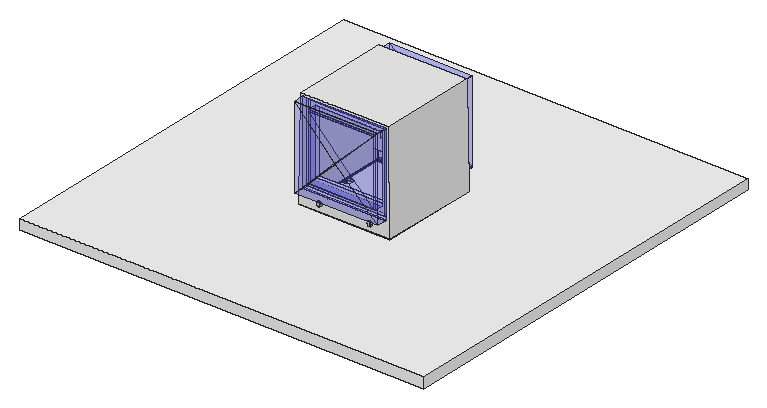
Revit family "BE_50063.1_de_DE", category Leuchten, Revit 2020
Family settings
  Basisbauteil = Fläche
  Bemaßung runder Anschluss = Durchmesser verwenden
  Teiletyp = Normal
  Beim Laden mit Abzugskörper schneiden = Ja
  Lichtquelle = Ja
  Gemeinsam genutzt = Nein
  Raumberechnungspunkt = Ja
Parameters (values of type "BEGA_50063.1_K4")
  built-in parameter 1150104 = 16.992 (stored number, unit not read)
  Wattage = 7.6 W
  Default Elevation = 0 mm
  built-in parameter 1150113 = 1 (stored number, unit not read)
  built-in parameter 1114218 = 1 (stored number, unit not read)
  Umgebungstemperatur = "25 °C"
  URL = "https://www.bega.com/de/produkt/50063.1"
  Typenkommentare = "© 2022 BEGA. Wir behalten uns das Recht vor, technische Änderungen ohne vorherige Ankündigung vorzunehmen."  # constant formula
  built-in parameter 1150134 = 12
  built-in parameter 1150109 = 1 (stored number, unit not read)
  Strom = ""
  built-in parameter 1150110 = 1 (stored number, unit not read)
  Spannung = 239.996 V
  Sonderanfertigung = no
  Seriennummer [instance] = "Hier können Sie die eindeutige Seriennummer für das Facility Management eintragen."
  Schutzklasse = "I"
  Schutzart = "IP 20"
  Scheinlast = 0 VA
  Produktdatenblatt = "https://cdn.bega.com/bega/products/50063.1K4/current/documents/data-sheets/de"
  Oberflächentemperatur = ""
  Neigungswinkel = 0.00°
  Modell = "50063.1K4"
  Material_17 = BEGA_Reflektor
  Material_15 = BEGA_Leuchtmedium_matt
  Material_11 = BEGA_Glas_opal
  Material_09 = BEGA_Glas_klar
  Material_08 = BEGA_Oberfläche_Stahl_verzinkt
  Material_06 = BEGA_Oberfläche_Edelstahl_gebürstet
  Material_05 = BEGA_Oberfläche_Aluminium Guss
  Material_03 = BEGA_Oberfläche_Weiss_matt
  Material_02 = BEGA_Oberfläche_Silber_matt
  Material_01 [instance] = BEGA_Oberfläche_Grafit_matt
  M_W = no
  M_G = no
  M_A = no
  Logo = 0
  built-in parameter 1114217 = 1 (stored number, unit not read)
  built-in parameter 1150139 = (empty or 0)
  built-in parameter 1150105 = 110.62 (stored number, unit not read)
  built-in parameter 1150114 = 1 (stored number, unit not read)
  Lumens = 1390.04 lm
  built-in parameter 1150115 = 1 (stored number, unit not read)
  Leuchtenlichtstrom = "570 lm"
  Leuchtenanzahl = ""
  Lebensdauerkriterien = "L70B50 @ 25 °C = 200000 h"
  Lastklassifizierung = Beleuchtung
  built-in parameter 1150112 = 1 (stored number, unit not read)
  Lampenlichtstrom = "1400 lm"
  Lampe = "LED 7.6 W"
  LED_Modulbezeichnung = "2x LED-0276/940"
  Hersteller = "BEGA"  # constant formula
  Halbstreuwinkel = ""
  Gewicht = "1.0 kg"
  Gebrauchslageneinschränkung [instance] = ""
  Frequenz = "0/50-60 Hz"
  Farbwiedergabeindex = "CRI > 90"
  Farbtemperaturverschiebung bei Dämpfen der Lampe = <Keine Auswahl>
  Farbtemperatur = "4000 K"
  Color Filter = 16777215
  built-in parameter 1150133 = 10 (stored number, unit not read)
  Energieeffizienzklasse = "LED A++ - A"
  built-in parameter 1150137 = (empty or 0)
  built-in parameter 1150132 = (empty or 0)
  ENEC = "ja"
  Dimmbar [instance] = "on/off"
  Datei für fotometrisches Netz = "BE_50063.1K4.IES"
  CE_Konformität = "ja"
  Bestellnummer = "50063.1K4"
  Beschreibung_Sonderanfertigung = "Hier können Sie Informationen zur Sonderanfertigung eintragen."
  Beschreibung = "Wandleuchte"
  built-in parameter 1150106 = 1.1062 (stored number, unit not read)
  Befestigungsbohrung = "Ø 4,5 mm"
  Befestigungsabstand = "65 mm"
  Ballwurfsicher = ""
  BEGA_Intern_aus = yes
  BEGA_Intern_an = yes
  BEGA_Intern_Konstruktion = yes
  BEGA_Intern = yes
  BEGA_IES = yes
  BEGA_Dummy = no
  Anschlussleitung = ""
  Anschlussleistung [instance] = "9 W"
  Anschlusskasten = ""
  built-in parameter 1150107 = 4000 (stored number, unit not read)
  built-in parameter 1150102 = (empty or 0)
  built-in parameter 1150138 = (empty or 0)
  Aktualisierung = "2022-05-18T04:00:07"
  Abstand_zur_angestrahlten_Fläche [instance] = ""
  AC/DC = "AC/DC"
Types (2, lengths in mm): name | built-in parameter 1150104 | built-in parameter 1150134 | Modell | built-in parameter 1150105 | Lumens | Leuchtenlichtstrom | Lampenlichtstrom | LED_Modulbezeichnung | Farbtemperatur | Datei für fotometrisches Netz | Bestellnummer | built-in parameter 1150106 | built-in parameter 1150107
  BEGA_50063.1_K3 | 16.258 (stored number, unit not read) | (empty or 0) | "50063.1K3" | 105.84 (stored number, unit not read) | 1330 lm | "541 lm" | "1330 lm" | "2x LED-0276/930" | "3000 K" | "BE_50063.1K3.IES" | "50063.1K3" | 1.0584 (stored number, unit not read) | 3000 (stored number, unit not read)
  BEGA_50063.1_K4 | 16.992 (stored number, unit not read) | 12 | "50063.1K4" | 110.62 (stored number, unit not read) | 1390.04 lm | "570 lm" | "1400 lm" | "2x LED-0276/940" | "4000 K" | "BE_50063.1K4.IES" | "50063.1K4" | 1.1062 (stored number, unit not read) | 4000 (stored number, unit not read)
Reference planes
  plane 1 "Mitte (Vorne/Hinten)": y = 0
  plane 2: z = 0
  plane 3 "Mitte (Links/Rechts)": x = 0
  plane 4 "Links": x = -45
  plane 5 "Rechts": x = 45
  plane 6 "Unten": y = -59.933
  plane 7 "Oben": y = 59.933
  plane 8 "Vorne": z = 100
  plane 9 "Hinten": z = 0
Forms (mm)
  Extrusion 1, solid, material "BEGA_Platte_Weiss"
    sketch origin (0, -1119.2, 0) x (1, 0, 0) y (0, 1, 0)
      loop
        line (-200, 1319.2) -> (-200, 919.2) -> (200, 919.2) -> (200, 1319.2) -> (-200, 1319.2)
    from 0 to -10
  Extrusion 2, solid, material "BEGA_Dummy_matt", visible <- "BEGA_Dummy"
    sketch origin (80.095, -76.023, 0) x (1, 0, 0) y (0, 1, 0)
      loop
        line (-125.095, 135.956) -> (-125.095, 16.091) -> (-35.095, 16.091) -> (-35.095, 135.956) -> (-125.095, 135.956)
    from 0 to 100
Dimensions and locks
  plane 1 "Mitte (Vorne/Hinten)" to Extrusion 1 = 200 mm
  aligned and locked: plane 2 to Extrusion 1
  aligned and locked: level to Extrusion 1
Nested families
  nested 1: "BE_50063.1" at (0, 0, 0), type "BE_50063.1"
Connectors
  electrical at (0, 0, 0), driven by "Lastklassifizierung", driven by "Spannung", driven by "Scheinlast"
    settings: index 1, voltage 239.996 V, apparent load 0 VA, apparent load phase1 0 VA, apparent load phase2 0 VA, apparent load phase3 0 VA, power factor 1, load classification "Beleuchtung", number of poles 1, system type 31, power factor state 1, is connector primary yes, connector utility no, sub classification motor no, connector description ""
Definition of nested family "BE_50063.1"
  Parameters (values of type "BE_50063.1")
    Default Elevation = 1 mm
    URL = "http://www.bega.de/de/produkt"
    Type Comments = "© 2015 BEGA. Wir behalten uns das Recht vor, technische Änderungen ohne vorherige Ankündigung vorzunehmen. "  # constant formula
    Type Image = (empty or 0)
    Neigungswinkel_um_Z2 = 0.00°
    Neigungswinkel_um_Z1 = 0.00°
    Neigungswinkel_um_Y2 = 0.00°
    Neigungswinkel_um_Y1 = 0.00°
    Neigungswinkel_um_X2 = 0.00°
    Neigungswinkel_um_X1 = 0.00°
    Material_17 = none
    Material_15 = none
    Material_11 = none
    Material_09 = none
    Material_08 = none
    Material_06 = none
    Material_05 = none
    Material_03 = none
    Material_02 = none
    Material_01 = none
    M_W = yes
    M_G = yes
    M_A = yes
    Länge_Platte = 200 mm  # constant formula
    Höhe_Platte = -10 mm  # constant formula
    Manufacturer = "BEGA"  # constant formula
    Drehwinkel_um_Z2 = 0.00°
    Drehwinkel_um_Z1 = 0.00°
    Breite_Platte = 200 mm  # constant formula
  Reference planes
    plane 1 "Mitte (Oben/Unten)": y = 0
    plane 2: z = 0
    plane 3 "Mitte (Links/Rechts)": x = 0
    plane 4: x = -45
    plane 5: z = 100
    plane 6: x = 45
    plane 7: y = 59.933
    plane 8: y = -59.933
  Forms (mm)
    Extrusion 1, solid, detail levels medium
      sketch origin (0, 0, 0) x (1, 0, 0) y (0, 1, 0)
        loop
          line (-100, 100) -> (-100, -100) -> (100, -100) -> (100, 100) -> (-100, 100)
      from 0 to -10 <- "Höhe_Platte"
    Extrusion 2, solid, material <- "Material_03", detail levels medium+fine
      sketch origin (0, 0, 0) x (0, 1, 0) y (0, 0, 1)
        loop
          line (48.25, 1) -> (48.25, 100) -> (-48.25, 100) -> (-48.25, 1) -> (-45.046, 1) -> (-45.046, 14) -> (-38.126, 14) -> (-38.126, 93) -> (38.126, 93) -> (38.126, 14) -> (45.046, 14) -> (45.046, 1) -> (48.25, 1)
      from -46.262 to 45.91
    Extrusion 3, solid, material <- "Material_03", detail levels medium+fine
      sketch origin (0, 0, 0) x (1, 0, 0) y (0, 0, 1)
        loop
          line (-46.262, 100) -> (-46.262, 1) -> (-41.809, 1) -> (-41.809, 100) -> (-46.262, 100)
        loop
          line (46.262, 100) -> (41.809, 100) -> (41.809, 1) -> (46.262, 1) -> (46.262, 100)
      from -48.25 to 48.25
    Extrusion 4, void
      sketch origin (0, 0, 0) x (1, 0, 0) y (0, 0, 1)
        loop
          line (-43.257, 100.874) -> (-46.262, 100.874) -> (-46.262, 0.652) -> (-45.006, 0.652) -> (-43.257, 100.874)
        loop
          line (43.257, 100.874) -> (45.006, 0.652) -> (46.262, 0.652) -> (46.262, 100.874) -> (43.257, 100.874)
      from -54.367 to 54.729
    Extrusion 5, void
      sketch origin (0, 0, 0) x (0, 1, 0) y (0, 0, 1)
        loop
          line (43.483, 89.749) -> (-43.906, 89.749) -> (-43.906, 25.491) -> (43.483, 25.491) -> (43.483, 89.749)
      from -33.322 to 33.208
    Extrusion 6, void
      sketch origin (0, 0, 0) x (0, 1, 0) y (0, 0, 1)
        loop
          line (48.25, 98.063) -> (42.45, 98.063) -> (42.45, 15.433) -> (48.25, 15.433) -> (48.25, 98.063)
        loop
          line (-48.25, 98.063) -> (-48.25, 15.433) -> (-42.45, 15.433) -> (-42.45, 98.063) -> (-48.25, 98.063)
      from -41.25 to 41.313
    Sweep 7, solid, material <- "Material_11", detail levels medium+fine
      path origin (0, 0, 0) x (1, 0, 0) y (0, 0, 1)
        loop
          line (41.25, 97.933) -> (-41.25, 97.933) -> (-41.25, 15.433) -> (41.25, 15.433) -> (41.25, 97.933)
      profile origin (0, 0, 97.933) x (0, 0, -1) y (0, -1, 0)
        loop
          line (-0.067, -46.95) -> (0.352, -58.947)
          arc (0.352, -58.947) -> (20.761, -59.689) -> (41.183, -59.933) r 836.627
          line (41.183, -59.933) -> (41.183, -53.463)
          arc (41.183, -53.463) -> (25.118, -52.991) -> (9.076, -52.023) r 520.56
          arc (9.076, -52.023) -> (8.43, -51.718) -> (8.152, -51.06) r 1
          line (8.152, -51.06) -> (7.851, -42.45) -> (2.738, -42.45) -> (2.581, -46.95) -> (-0.067, -46.95)
    Sweep 8, solid, material <- "Material_11", detail levels medium+fine
      path origin (0, 0, 0) x (1, 0, 0) y (0, 0, -1)
        loop
          line (41.25, -97.933) -> (41.25, -15.433) -> (-41.25, -15.433) -> (-41.25, -97.933) -> (41.25, -97.933)
      profile origin (0, 0, 97.933) x (0, 0, 1) y (0, 1, 0)
        loop
          line (0.067, -46.95) -> (-2.581, -46.95) -> (-2.738, -42.45) -> (-7.851, -42.45) -> (-8.152, -51.06)
          arc (-8.152, -51.06) -> (-8.43, -51.718) -> (-9.076, -52.023) r 1
          arc (-9.076, -52.023) -> (-25.118, -52.991) -> (-41.183, -53.463) r 520.56
          line (-41.183, -53.463) -> (-41.183, -59.933)
          arc (-41.183, -59.933) -> (-20.761, -59.689) -> (-0.352, -58.947) r 836.627
          line (-0.352, -58.947) -> (0.067, -46.95)
    Sweep 9, solid, material <- "Material_03", detail levels medium+fine
      path origin (0, 0, 0) x (1, 0, 0) y (0, 1, 0)
        loop
          line (45, 48.25) -> (-45, 48.25) -> (-45, -48.25) -> (45, -48.25) -> (45, 48.25)
      profile origin (0, 48.25, 0) x (0, -1, 0) y (0, 0, 1)
        loop
          line (0.75, 0) -> (5, 0)
          arc (5, 0) -> (6.061, 0.439) -> (6.5, 1.5) r 1.5
          line (6.5, 1.5) -> (6.5, 2.5)
          arc (6.5, 2.5) -> (6.646, 2.854) -> (7, 3) r 0.5
          line (7, 3) -> (35.781, 3) -> (35.781, 4) -> (7, 4)
          arc (7, 4) -> (5.939, 3.561) -> (5.5, 2.5) r 1.5
          line (5.5, 2.5) -> (5.5, 1.5)
          arc (5.5, 1.5) -> (5.354, 1.146) -> (5, 1) r 0.5
          line (5, 1) -> (0.75, 1) -> (0.75, 0)
    Extrusion 10, void
      sketch origin (0, 0, 0) x (1, 0, 0) y (0, 1, 0)
        loop
          circle (15, 24.6) r 8.5
        loop
          circle (-34, -1.9) r 4.25
        loop
          circle (34, -1.9) r 4.25
      from 0 to 6.683
    Extrusion 11, solid, material <- "Material_03", detail levels medium+fine
      sketch origin (0, 0, 0) x (1, 0, 0) y (0, 1, 0)
        loop
          line (-9.219, -12.469) -> (9.219, -12.469) -> (9.219, 12.469) -> (-9.219, 12.469) -> (-9.219, -12.469)
      from 3 to 4
    Revolve 12, void
      sketch origin (0, -9.199, 8) x (1, 0, 0) y (0, 1, 0)
        loop
          line (-25, -37.114) -> (-25, -39.501) -> (-22.298, -39.501) -> (-23.112, -38.09) -> (-23.112, -37.114) -> (-25, -37.114)
        axis (-25, -37.114) -> (-25, -39.501)
      angle from 0 to 360
    Revolve 13, solid, material <- "Material_06", detail levels fine
      sketch origin (-25, 0, 0) x (0, 1, 0) y (0, 0, 1)
        loop
          line (-49.15, 10) -> (-49.15, 8) -> (-45.433, 8) -> (-45.433, 10.5) -> (-46.575, 10.5) -> (-47.289, 10) -> (-49.15, 10)
        axis (-49.15, 8) -> (-45.433, 8)
      angle from 0 to 360
    Revolve 14, void
      sketch origin (0, -9.199, 8) x (-1, 0, 0) y (0, -1, 0)
        loop
          line (-25, 37.114) -> (-23.112, 37.114) -> (-23.112, 38.09) -> (-22.298, 39.501) -> (-25, 39.501) -> (-25, 37.114)
        axis (-25, 37.114) -> (-25, 39.501)
      angle from 0 to 360
    Revolve 15, solid, material <- "Material_06", detail levels fine
      sketch origin (25, 0, 0) x (0, 1, 0) y (0, 0, -1)
        loop
          line (-49.15, -10) -> (-47.289, -10) -> (-46.575, -10.5) -> (-45.433, -10.5) -> (-45.433, -8) -> (-49.15, -8) -> (-49.15, -10)
        axis (-49.15, -8) -> (-45.433, -8)
      angle from 0 to 360
  Cuts and joins
    Extrusion 4, Extrusion 5, Extrusion 6, Extrusion 10, Revolve 12, Revolve 14 cuts Extrusion 2
    Extrusion 4, Extrusion 5, Extrusion 6, Extrusion 10, Revolve 12, Revolve 14 cuts Extrusion 3
    joined: Extrusion 2, Extrusion 3
    Extrusion 10 cuts Sweep 9
    joined: Sweep 9, Extrusion 11
    Revolve 14 cuts Revolve 13
  Dimensions and locks
    equal spacing: Extrusion 1 sketch curve, plane 3 "Mitte (Links/Rechts)", Extrusion 1 sketch curve
    equal spacing: Extrusion 1 sketch curve, plane 1 "Mitte (Oben/Unten)", Extrusion 1 sketch curve
    "Länge_Platte": Extrusion 1 sketch curve to Extrusion 1 sketch curve
    "Breite_Platte": Extrusion 1 sketch curve to Extrusion 1 sketch curve
    aligned and locked: Extrusion 1 to plane 2
    aligned and locked: level to Extrusion 1
  Automatic sketch dimensions
    level to Extrusion 3 sketch curve = 1 mm  (x2)
    Extrusion 3 sketch curve to plane 3 "Mitte (Links/Rechts)" = 46.262 mm
    Extrusion 3 sketch curve to Extrusion 3 sketch curve = 4.453 mm  (x2)
    plane 3 "Mitte (Links/Rechts)" to Extrusion 3 sketch curve = 41.809 mm
    Extrusion 3 sketch curve to Extrusion 3 sketch curve = 99 mm
    Extrusion 3 sketch curve to Extrusion 3 sketch curve = 0 mm
    level to Extrusion 4 sketch curve = 0.652 mm  (x2)
    Extrusion 4 sketch curve to plane 3 "Mitte (Links/Rechts)" = 46.262 mm
    Extrusion 4 sketch curve to Extrusion 4 sketch curve = 1.256 mm  (x2)
    Extrusion 4 sketch curve to Extrusion 4 sketch curve = 3.006 mm
    plane 3 "Mitte (Links/Rechts)" to Extrusion 4 sketch curve = 43.257 mm
    plane 3 "Mitte (Links/Rechts)" to Extrusion 4 sketch curve = 45.006 mm
    Extrusion 4 sketch curve to Extrusion 4 sketch curve = 0 mm
    plane 1 "Mitte (Oben/Unten)" to Extrusion 5 sketch curve = 43.906 mm
    Extrusion 5 sketch curve to plane 1 "Mitte (Oben/Unten)" = 43.483 mm
    level to Extrusion 5 sketch curve = 25.491 mm
    Extrusion 5 sketch curve to Extrusion 5 sketch curve = 64.259 mm
    level to Extrusion 6 sketch curve = 15.433 mm  (x2)
    plane 1 "Mitte (Oben/Unten)" to Extrusion 6 sketch curve = 48.25 mm
    Extrusion 6 sketch curve to Extrusion 6 sketch curve = 5.8 mm  (x2)
    Extrusion 6 sketch curve to plane 1 "Mitte (Oben/Unten)" = 42.45 mm
    Extrusion 6 sketch curve to Extrusion 6 sketch curve = 82.63 mm  (x2)
    Sweep 7 sketch curve to plane 3 "Mitte (Links/Rechts)" = 41.25 mm
    level to Sweep 7 sketch curve = 15.433 mm
    plane 3 "Mitte (Links/Rechts)" to Sweep 7 sketch curve = 41.25 mm
    Sweep 7 sketch curve to Sweep 7 sketch curve = 82.5 mm
    profile plane to Sweep 7 sketch curve = 0.067 mm
    Sweep 7 sketch curve to profile plane = 0.352 mm
    Sweep 7 sketch curve to profile plane = 2.581 mm
    Sweep 7 sketch curve to profile plane = 2.738 mm
    Sweep 7 sketch curve to Sweep 7 sketch curve = 5.113 mm
    Sweep 7 sketch curve to Sweep 7 sketch curve = 5.571 mm
    Sweep 7 sketch curve to Sweep 7 sketch curve = 0.999 mm
    Sweep 7 sketch curve to profile plane = 40.953 mm
    Sweep 7 sketch curve to Sweep 7 sketch curve = 32.032 mm
    Sweep 7 sketch curve to profile plane = 48.45 mm
    Sweep 7 sketch curve to plane 1 "Mitte (Oben/Unten)" = 59.933 mm
    Sweep 7 sketch curve to Sweep 7 sketch curve = 0.986 mm
    Sweep 7 sketch curve to Sweep 7 sketch curve = 6.469 mm
    Sweep 7 sketch curve to Sweep 7 sketch curve = 7.886 mm
    Sweep 7 sketch curve to Sweep 7 sketch curve = 0.035 mm
    Sweep 7 sketch curve to Sweep 7 sketch curve = 4.11 mm
    Sweep 7 sketch curve to Sweep 7 sketch curve = 4.5 mm
    Sweep 7 sketch curve to Sweep 7 sketch curve = 309.648 mm
    Sweep 8 sketch curve to plane 3 "Mitte (Links/Rechts)" = 41.25 mm
    level to Sweep 8 sketch curve = 15.433 mm
    plane 3 "Mitte (Links/Rechts)" to Sweep 8 sketch curve = 41.25 mm
    Sweep 8 sketch curve to Sweep 8 sketch curve = 82.5 mm
    profile plane to Sweep 8 sketch curve = 48.45 mm
    profile plane to Sweep 8 sketch curve = 41.183 mm
    profile plane to Sweep 8 sketch curve = 40.953 mm
    profile plane to Sweep 8 sketch curve = 9.151 mm
    Sweep 8 sketch curve to Sweep 8 sketch curve = 0.999 mm
    profile plane to Sweep 8 sketch curve = 7.851 mm
    profile plane to Sweep 8 sketch curve = 2.738 mm
    profile plane to Sweep 8 sketch curve = 2.581 mm
    profile plane to Sweep 8 sketch curve = 0.352 mm
    Sweep 8 sketch curve to profile plane = 0.067 mm
    Sweep 8 sketch curve to profile plane = 59.933 mm
    Sweep 8 sketch curve to Sweep 8 sketch curve = 0.986 mm
    Sweep 8 sketch curve to Sweep 8 sketch curve = 6.469 mm
    Sweep 8 sketch curve to Sweep 8 sketch curve = 7.886 mm
    Sweep 8 sketch curve to Sweep 8 sketch curve = 0.035 mm
    Sweep 8 sketch curve to Sweep 8 sketch curve = 4.11 mm
    Sweep 8 sketch curve to Sweep 8 sketch curve = 4.5 mm
    Sweep 8 sketch curve to Sweep 8 sketch curve = 309.648 mm
    Sweep 9 sketch curve to plane 3 "Mitte (Links/Rechts)" = 45 mm
    plane 3 "Mitte (Links/Rechts)" to Sweep 9 sketch curve = 45 mm
    plane 1 "Mitte (Oben/Unten)" to Sweep 9 sketch curve = 48.25 mm
    Sweep 9 sketch curve to plane 1 "Mitte (Oben/Unten)" = 48.25 mm
    Sweep 9 sketch curve to Sweep 9 sketch curve = 0 mm  (x4)
    Sweep 9 sketch curve to level = 0 mm
    Sweep 9 sketch curve to profile plane = 0.75 mm
    level to Sweep 9 sketch curve = 1 mm
    Sweep 9 sketch curve to Sweep 9 sketch curve = 4.25 mm
    Sweep 9 sketch curve to Sweep 9 sketch curve = 0.5 mm  (x2)
    level to Sweep 9 sketch curve = 3 mm
    Sweep 9 sketch curve to Sweep 9 sketch curve = 28.781 mm
    plane 1 "Mitte (Oben/Unten)" to Extrusion 10 sketch curve = 1.9 mm  (x2)
    Extrusion 10 sketch curve to plane 3 "Mitte (Links/Rechts)" = 34 mm
    plane 3 "Mitte (Links/Rechts)" to Extrusion 10 sketch curve = 15 mm
    Extrusion 10 sketch curve to Extrusion 10 sketch curve = 19 mm
    Extrusion 10 sketch curve to plane 1 "Mitte (Oben/Unten)" = 24.6 mm
    Extrusion 11 sketch curve to plane 3 "Mitte (Links/Rechts)" = 9.219 mm
    plane 3 "Mitte (Links/Rechts)" to Extrusion 11 sketch curve = 9.219 mm
    plane 1 "Mitte (Oben/Unten)" to Extrusion 11 sketch curve = 12.469 mm
    Extrusion 11 sketch curve to plane 1 "Mitte (Oben/Unten)" = 12.469 mm
    Revolve 12 sketch curve to plane 3 "Mitte (Links/Rechts)" = 25 mm
    Revolve 12 sketch curve to Revolve 12 sketch curve = 1.888 mm
    Revolve 12 sketch curve to Revolve 12 sketch curve = 0.814 mm
    plane 1 "Mitte (Oben/Unten)" to Revolve 12 sketch curve = 48.7 mm
    Revolve 12 sketch curve to Revolve 12 sketch curve = 1.411 mm
    Revolve 12 sketch curve to Revolve 12 sketch curve = 0.976 mm
    Revolve 12 sketch curve to Revolve 12 sketch curve = 0 mm
    Revolve 12 sketch curve to Revolve 12 sketch curve = 1.782 mm
    Revolve 12 sketch curve to Revolve 12 sketch curve = 1.743 mm
    level to Revolve 13 sketch curve = 10 mm
    plane 1 "Mitte (Oben/Unten)" to Revolve 13 sketch curve = 49.15 mm
    Revolve 13 sketch curve to Revolve 13 sketch curve = 1.861 mm
    level to Revolve 13 sketch curve = 10.5 mm
    Revolve 13 sketch curve to Revolve 13 sketch curve = 0.714 mm
    Revolve 13 sketch curve to Revolve 13 sketch curve = 1.142 mm
    Revolve 13 sketch curve to Revolve 13 sketch curve = 2 mm  (x2)
    Revolve 13 sketch curve to Revolve 13 sketch curve = 0.817 mm
    Revolve 13 sketch curve to Revolve 13 sketch curve = 0 mm
    plane 3 "Mitte (Links/Rechts)" to Revolve 14 sketch curve = 25 mm
    Revolve 14 sketch curve to Revolve 14 sketch curve = 1.888 mm
    Revolve 14 sketch curve to Revolve 14 sketch curve = 0.814 mm
    plane 1 "Mitte (Oben/Unten)" to Revolve 14 sketch curve = 46.314 mm
    Revolve 14 sketch curve to Revolve 14 sketch curve = 0.976 mm
    Revolve 14 sketch curve to Revolve 14 sketch curve = 1.411 mm
    Revolve 14 sketch curve to Revolve 14 sketch curve = 0 mm
    Revolve 14 sketch curve to Revolve 14 sketch curve = 1.743 mm
    Revolve 14 sketch curve to Revolve 14 sketch curve = 1.782 mm
    level to Revolve 15 sketch curve = 10 mm
    plane 1 "Mitte (Oben/Unten)" to Revolve 15 sketch curve = 49.15 mm
    Revolve 15 sketch curve to Revolve 15 sketch curve = 1.861 mm
    level to Revolve 15 sketch curve = 10.5 mm
    Revolve 15 sketch curve to Revolve 15 sketch curve = 0.714 mm
    Revolve 15 sketch curve to Revolve 15 sketch curve = 1.142 mm
    Revolve 15 sketch curve to Revolve 15 sketch curve = 2.5 mm
    Revolve 15 sketch curve to Revolve 15 sketch curve = 2 mm
    Revolve 15 sketch curve to Revolve 15 sketch curve = 0.817 mm
    Revolve 15 sketch curve to Revolve 15 sketch curve = 0 mm
    Extrusion 4 sketch curve to plane 5 = 0.874 mm
    plane 5 to Extrusion 2 sketch curve = 0 mm
    Extrusion 2 sketch curve to plane 8 = 11.683 mm
    Extrusion 2 sketch curve to Extrusion 2 sketch curve = 3.204 mm
    Extrusion 2 sketch curve to Extrusion 2 sketch curve = 10.124 mm
    Extrusion 2 sketch curve to plane 7 = 21.806 mm
    level to Extrusion 2 sketch curve = 1 mm  (x2)
    Extrusion 2 sketch curve to Extrusion 2 sketch curve = 6.92 mm
    Extrusion 2 sketch curve to plane 7 = 11.683 mm
    Extrusion 2 sketch curve to Extrusion 2 sketch curve = 13 mm
    level to Extrusion 2 sketch curve = 14 mm
    plane 5 to Extrusion 2 sketch curve = 7 mm
    radius of Extrusion 10 sketch curve = 8.5 mm
    radius of Extrusion 10 sketch curve = 4.25 mm  (x2)
